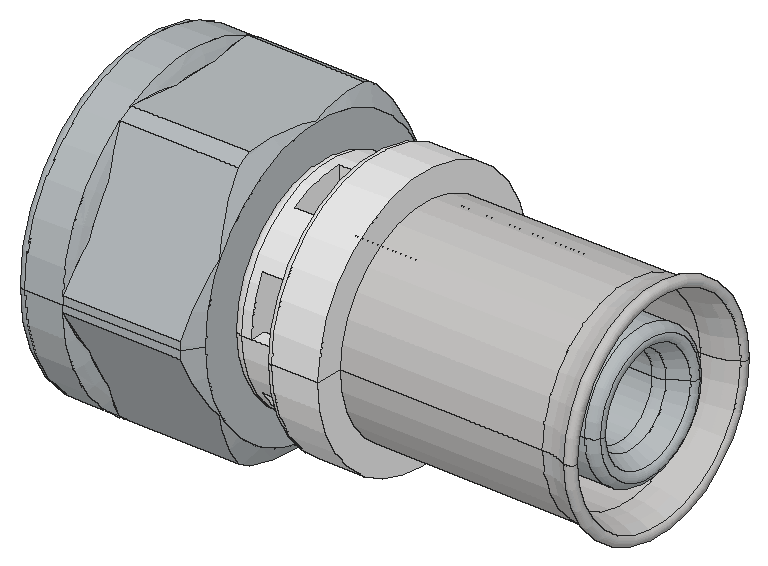
Revit family "VTm_202_СоединительПресс_ПереходВнутрРезьба1", category Соединительные детали трубопроводов, Revit 2017
Family settings
  Размер круглого соединителя = Использовать диаметр
  Тип детали = Соединение
  На основе рабочей плоскости = Нет
  Всегда вертикально = Да
  При загрузке вырезать с полостями = Нет
  Общий = Нет
Parameters (values of type "16 х 1/2"")
  Символ вид сбоку [instance] = not(Символ в плане)  # no
  Символ в плане [instance] = yes
  Резьба = VTm_202_РезьбаСоСбегами_Внутр : 1/2" х 5 х 0,5
  РадН базы резьбы = Ду резьбы / 4  # 3.75 mm
  РадН базы гильзы = Ду гильзы / 4  # 4.00 mm
  Описание = "Переход между пресс и резьбовым соединениями"  # constant formula
  Комментарии к типоразмеру = "Модель разработана по заказу ВЕСТА Регионы, автор Михаил Кузьмин НПО Инкомис, правообладатель ВЕСТА Регионы"  # constant formula
  Изготовитель = "VALTEC"  # constant formula
  Ду резьбы = 15.00 mm
  Ду гильзы = 16.00 mm
  Длина базы резьбы = 2.00 mm
  Длина базы гильзы = 1.803 mm
  ГлубинаМамы х 07 = ГлубинаМамы * 0.7  # 9.10 mm
  ГлубинаМамы = 13.00 mm
  Гильза = VTm_202_Гильза_от_16_до_32 : 16
  Гайка = VTm_202_ГайкаТипА_Полдюйма_ШестьГран : 1/2"
  Видеть резьбу [instance] = yes
  VT_Цена базовая = 109
  VT_sleeve = Нержавеющая сталь
  VT_ring = Пластмасса, непрозрачная, белая
  VT_body = Цинк
  URL = "http://valtec.ru/catalog/sistemy_metallopolimernyh_i_polimernyh_truboprovodov/press_fitingi/press_fiting_s_perehodom_na_vnutrennyuyu_rezbu_vtm202n.html"
  ADSK_Примечание = ""
  ADSK_Позиция = "202.1604"
  ADSK_Обозначение = "VTm.202.N.001604"
  ADSK_Наименование = "Соединитель пресс с переходом на внутренюю резьбу 16х1/2\" VTm.202"
  ADSK_Масса_Текст = "0,054"
  ADSK_Масса = 0.054
  ADSK_Завод-изготовитель = "VALTEC"  # constant formula
  ADSK_Единица измерения = "шт"  # constant formula
  ADSK_Версия семейства = "01.01"  # constant formula
  ADSK_Версия Revit = "2017"  # constant formula
Types (8, lengths in mm): name | Резьба | РадН базы резьбы | РадН базы гильзы | Ду резьбы | Ду гильзы | Длина базы резьбы | ГлубинаМамы х 07 | ГлубинаМамы | Гильза | Гайка | VT_Цена базовая | ADSK_Позиция | ADSK_Обозначение | ADSK_Наименование | ADSK_Масса_Текст | ADSK_Масса
  16 х 1/2" | VTm_202_РезьбаСоСбегами_Внутр : 1/2" х 5 х 0,5 | 3.75 | 4.00 | 15.00 | 16.00 | 2.00 | 9.10 | 13.00 | VTm_202_Гильза_от_16_до_32 : 16 | VTm_202_ГайкаТипА_Полдюйма_ШестьГран : 1/2" | 109 | "202.1604" | "VTm.202.N.001604" | "Соединитель пресс с переходом на внутренюю резьбу 16х1/2\" VTm.202" | "0,054" | 0.054
  16 х 3/4" | VTm_202_РезьбаСоСбегами_Внутр : 3/4" х 5 х 1,8 | 5.00 | 4.00 | 20.00 | 16.00 | 2.504 | 9.80 | 14.00 | VTm_202_Гильза_от_16_до_32 : 16 | VTm_202_ГайкаТипА_ТриЧетверти_ВосемьГран : 3/4" | 149 | "202.1605" | "VTm.202.N.001605" | "Соединитель пресс с переходом на внутренюю резьбу 16х3/4\" VTm.202" | "0,081" | 0.081
  20 х 1/2" | VTm_202_РезьбаСоСбегами_Внутр : 1/2" х 5 х 0,5 | 3.75 | 5.00 | 15.00 | 20.00 | 2.50 | 9.10 | 13.00 | VTm_202_Гильза_от_16_до_32 : 20 | VTm_202_ГайкаТипБ_ШестьГран : 1/2" | 127 | "202.2004" | "VTm.202.N.002004" | "Соединитель пресс с переходом на внутренюю резьбу 20х1/2\" VTm.202" | "0,061" | 0.061
  20 х 3/4" | VTm_202_РезьбаСоСбегами_Внутр : 3/4" х 5 х 1,8 | 5.00 | 5.00 | 20.00 | 20.00 | 3.00 | 9.80 | 14.00 | VTm_202_Гильза_от_16_до_32 : 20 | VTm_202_ГайкаТипБ_ВосемьГран : 3/4" | 173 | "202.2005" | "VTm.202.N.002005" | "Соединитель пресс с переходом на внутренюю резьбу 20х3/4\" VTm.202" | "0,080" | 0.08
  26 х 3/4" | VTm_202_РезьбаСоСбегами_Внутр : 3/4" х 5 х 1,8 | 5.00 | 6.50 | 20.00 | 26.00 | 3.00 | 9.80 | 14.00 | VTm_202_Гильза_от_16_до_32 : 26 | VTm_202_ГайкаТипБ_ВосемьГран : 3/4" | 186 | "202.2605" | "VTm.202.N.002605" | "Соединитель пресс с переходом на внутренюю резьбу 26х3/4\" VTm.202" | "0,092" | 0.092
  26 х 1" | VTm_202_РезьбаСоСбегами_Внутр : 1" х 4 х 1,9 | 6.25 | 6.50 | 25.00 | 26.00 | 4.00 | 10.50 | 15.00 | VTm_202_Гильза_от_16_до_32 : 26 | VTm_202_ГайкаТипБ_ВосемьГран : 1" | 255 | "202.2606" | "VTm.202.N.002606" | "Соединитель пресс с переходом на внутренюю резьбу 26х1\" VTm.202" | "0,131" | 0.131
  32 х 1" | VTm_202_РезьбаСоСбегами_Внутр : 1" х 4 х 1,9 | 6.25 | 8.00 | 25.00 | 32.00 | 4.00 | 10.50 | 15.00 | VTm_202_Гильза_от_16_до_32 : 32 | VTm_202_ГайкаТипБ_ВосемьГран : 1" | 337 | "202.3206" | "VTm.202.N.003206" | "Соединитель пресс с переходом на внутренюю резьбу 32х1\" VTm.202" | "0,129" | 0.129
  32 х 1_1/4" | VTm_202_РезьбаСоСбегами_Внутр : 1_1/4" х 6 х 3 | 10.00 | 8.00 | 40.00 | 32.00 | 2.00 | 14.70 | 21.00 | VTm_202_Гильза_от_16_до_32 : 32 | VTm_202_ГайкаТипБ_ШестьГран : 1_1/4" | 496 | "202.3207" | "VTm.202.N.003207" | "Соединитель пресс с переходом на внутренюю резьбу 32х1_1/4\" VTm.202" | "0,236" | 0.236
Reference planes
  plane 1 "По центру (Вперед/Назад)": y = 0
  plane 2: z = 0
  plane 3 "По центру (Влево/Вправо)": x = 0
  plane 4: x = -2
  plane 5: x = 1.803
  plane 6: y = 15
  plane 7: y = -15
  plane 8: x = -11.1
  plane 9: x = 17.803
  plane 10: x = 33.803
  plane 11: y = 16
  plane 12: y = -16
  plane 13: z = 15
  plane 14: z = -15
  plane 15: z = 16
  plane 16: z = -16
Forms (mm)
  Extrusion 1, solid, material "Цинк" <- "VT_body", not visible
    sketch origin (0, 0, 0) x (0, 1, 0) y (0, 0, 1)
      loop
        circle (0, 0) r 3.75
    from 0 to -2
  Extrusion 2, solid, material "Пластмасса, непрозрачная, белая" <- "VT_ring", not visible
    sketch origin (0, 0, 0) x (0, 1, 0) y (0, 0, 1)
      loop
        circle (0, 0) r 4
    from 0 to 1.803
Lines and regions (mm)
  model lines, style "VT_symbol", visible <- "Символ в плане", detail levels medium
    curve 1: line (-11.1, 15, 0) -> (-2, 15, 0)
    curve 2: line (-11.1, -15, 0) -> (-2, -15, 0)
    curve 3: line (-2, 15, 0) -> (-2, -15, 0)
    curve 5: line (1.803, -16, 0) -> (33.803, 16, 0)
    curve 6: line (1.803, 16, 0) -> (33.803, -16, 0)
  model lines, style "VT_symbol", detail levels coarse+medium
    curve 4: line (-2, 0, 0) -> (1.803, 0, 0)
  model lines, style "VT_symbol", visible <- "Символ вид сбоку", detail levels medium
    curve 7: line (-11.1, 0, 15) -> (-2, 0, 15)
    curve 8: line (-2, 0, 15) -> (-2, 0, -15)
    curve 9: line (-2, 0, -15) -> (-11.1, 0, -15)
    curve 10: line (1.803, 0, -16) -> (33.803, 0, 16)
    curve 11: line (1.803, 0, 16) -> (33.803, 0, -16)
Dimensions and locks
  "Длина базы резьбы": plane 4 to plane 3 "По центру (Влево/Вправо)"
  "Длина базы гильзы": plane 3 "По центру (Влево/Вправо)" to plane 5
  equal spacing: plane 6, plane 1 "По центру (Вперед/Назад)", plane 7
  "Ду резьбы": plane 6 to plane 1 "По центру (Вперед/Назад)"
  "ГлубинаМамы х 07": plane 8 to plane 4
  equal spacing: plane 11, plane 1 "По центру (Вперед/Назад)", plane 12
  "Ду гильзы": plane 11 to plane 1 "По центру (Вперед/Назад)"
  equal spacing: plane 5, plane 9, plane 10
  "Ду гильзы": plane 5 to plane 9
  equal spacing: plane 13, plane 2, plane 14
  "Ду резьбы": plane 13 to plane 2
  equal spacing: plane 15, plane 2, plane 16
  "Ду гильзы": plane 15 to plane 2
  "РадН базы резьбы": radius of Extrusion 1 sketch curve
  "РадН базы гильзы": radius of Extrusion 2 sketch curve
  aligned and locked: level to plane 2
  aligned and locked: plane 3 "По центру (Влево/Вправо)" to nested 1
  aligned and locked: plane 1 "По центру (Вперед/Назад)" to nested 1
  aligned and locked: Extrusion 1 to plane 4
  aligned and locked: plane 5 to Extrusion 2
  aligned and locked: Extrusion 2 to plane 3 "По центру (Влево/Вправо)"
  aligned and locked: plane 3 "По центру (Влево/Вправо)" to Extrusion 1
  aligned and locked: plane 1 "По центру (Вперед/Назад)" to Extrusion 2 sketch curve
  aligned and locked: plane 2 to Extrusion 2 sketch curve
  aligned and locked: nested 2 to plane 1 "По центру (Вперед/Назад)"
  aligned and locked: nested 2 to plane 2
  aligned and locked: nested 3 to plane 1 "По центру (Вперед/Назад)"
  aligned and locked: plane 2 to nested 3
  aligned and locked: curve 1 to plane 6
  aligned and locked: plane 8 to curve 1
  aligned and locked: plane 8 to curve 2
  aligned and locked: plane 7 to curve 2
  aligned and locked: curve 3 to plane 4
  aligned and locked: plane 6 to curve 3
  aligned and locked: plane 7 to curve 3
  aligned and locked: plane 4 to curve 4
  aligned and locked: plane 5 to curve 4
  aligned and locked: plane 1 "По центру (Вперед/Назад)" to curve 4
  aligned and locked: plane 5 to curve 6
  aligned and locked: plane 11 to curve 6
  aligned and locked: plane 11 to curve 5
  aligned and locked: plane 10 to curve 5
  aligned and locked: plane 12 to curve 6
  aligned and locked: plane 10 to curve 6
  aligned and locked: plane 12 to curve 5
  aligned and locked: plane 5 to curve 5
  aligned and locked: nested 5 to plane 1 "По центру (Вперед/Назад)"
  aligned and locked: nested 5 to plane 2
  aligned and locked: nested 4 to plane 1 "По центру (Вперед/Назад)"
  aligned and locked: nested 4 to plane 2
  aligned and locked: plane 8 to curve 7
  aligned and locked: plane 8 to curve 9
  aligned and locked: plane 14 to curve 9
  aligned and locked: curve 7 to plane 13
  aligned and locked: curve 8 to plane 4
  aligned and locked: plane 5 to curve 11
  aligned and locked: plane 15 to curve 11
  aligned and locked: plane 15 to curve 10
  aligned and locked: plane 10 to curve 10
  aligned and locked: plane 10 to curve 11
  aligned and locked: plane 16 to curve 11
  aligned and locked: plane 5 to curve 10
  aligned and locked: plane 16 to curve 10
Automatic sketch dimensions
  Extrusion 1 sketch curve to level = 0.00 mm
  Extrusion 1 sketch curve to plane 1 "По центру (Вперед/Назад)" = 0.00 mm
Nested families
  nested 1: "VTm_202_ГайкаТипА_Полдюйма_ШестьГран" at (0, 0, 0), type <- "Гайка", type "1/2"", detail levels fine
  nested 2: "VTm_202_Гильза_от_16_до_32" at (1.803, 0, 0) x (0, 1, 0) z (1, 0, 0), type <- "Гильза", type "16", detail levels fine
  nested 3: "VTm_202_РезьбаСоСбегами_Внутр" at (-2, 0, 0) x (0, 1, 0) z (-1, 0, 0), type <- "Резьба", visible <- "Видеть резьбу", type "1/2" х 5 х 0,5", detail levels fine
  nested 4: "MarkR" at (1.803, 0, 0) x (0, 1, 0) z (1, 0, 0), type "MarkR", not visible
  nested 5: "MarkR" at (-2, 0, 0) x (0, 1, 0) z (1, 0, 0), type "MarkR", not visible
Connectors
  piping at (1.803, 0, 0), diameter 16, driven by "Ду гильзы"
    settings: on Extrusion 2, index 2, connector inside diameter 609.6 mm, connector length 0.00 mm, flow factor 0, pipe flow 0.0 L/s, pressure drop 0.0 Pa, fitting loss kfactor 0, connector angle 0.00°, fixture units 0, engagement length 0.00 mm, angle of deflection 0.00°, flow configuration 0, flow direction 0, fitting loss method 0, system type 28, joint type 0, gender type 0, connector reference index 3, connector utility 0, adjustable connector no, is connector primary yes, connector description ""
  piping at (-2, 0, 0), diameter 15, driven by "Ду резьбы"
    settings: on Extrusion 1, index 3, connector inside diameter 609.6 mm, connector length 0.00 mm, flow factor 0, pipe flow 0.0 L/s, pressure drop 0.0 Pa, fitting loss kfactor 0, connector angle 0.00°, fixture units 0, engagement length 0.00 mm, angle of deflection 0.00°, flow configuration 0, flow direction 0, fitting loss method 0, system type 28, joint type 0, gender type 0, connector reference index 2, connector utility 0, adjustable connector no, is connector primary no, connector description ""
Definition of nested family "VTm_202_ГайкаТипА_Полдюйма_ШестьГран"
  Parameters (values of type "1/2"")
    РадУсл = Ду * 0.5  # 7.50 mm
    Под ключ = 24.00 mm
    РадН торец гайки = 13.86 mm
    Ду = 15.00 mm
    Глубина = 13.00 mm
    Б = Под ключ * tan(30.00°)  # 13.856 mm
    А = Под ключ * 0.5 * tan(30.00°)  # 6.928 mm
    VT_body = none
  Reference planes
    plane 1 "По центру (Вперед/Назад)": y = 0
    plane 2: z = 0
    plane 3 "По центру (Влево/Вправо)": x = 0
    plane 4: x = -11
    plane 5: x = -14.5
    plane 6: x = -15
    plane 7: z = 12
    plane 8: z = -12
    plane 9: y = 6.928
    plane 10: y = 13.856
    plane 11: y = -6.928
    plane 12: y = -13.856
    plane 13: x = -10.111
    plane 14: y = -13.485
    plane 15: x = -2
    plane 16: through (0, 22.899, 15.662) normal (0, -0.866, 0.5)
    plane 17: through (0, -24.917, 19.157) normal (0, -0.866, -0.5)
  Forms (mm)
    Extrusion 1, solid, material <- "VT_body"
      sketch origin (0, 0, 0) x (0, 1, 0) y (0, 0, 1)
        loop
          line (6.928, 12) -> (-6.928, 12) -> (-13.856, 0) -> (-6.928, -12) -> (6.928, -12) -> (13.856, 0) -> (6.928, 12)
      from 0 to -11
    Revolve 2, void
      sketch origin (0, 0, 0) x (1, 0, 0) y (0, 1, 0)
        loop
          line (0, -11.96) -> (-0.88, -13.485) -> (-11, -13.485) -> (-11, -15.106) -> (0, -15.106) -> (0, -11.96)
        axis (-11, 0) -> (0, 0)
      angle from 0 to 360
    Revolve 3, solid, material <- "VT_body"
      sketch origin (0, 0, 0) x (1, 0, 0) y (0, 1, 0)
        loop
          line (-14.232, -13.485) -> (-10.99, -13.485)
          arc (-10.99, -13.485) -> (-10.335, -11.999) -> (-10.111, -10.39) r 5.884
          line (-10.111, -10.39) -> (-10.111, 0) -> (-15, 0) -> (-15, -12.717)
          arc (-15, -12.717) -> (-14.775, -13.26) -> (-14.232, -13.485) r 0.768
        axis (-15, 0) -> (-10.111, 0)
      angle from 0 to 360
    Extrusion 4, void
      sketch origin (0, 0, 0) x (0, 1, 0) y (0, 0, 1)
        loop
          circle (0, 0) r 9.9
      from -2 to -15
  Cuts and joins
    Revolve 2, Extrusion 4 cuts Extrusion 1
    Extrusion 4 cuts Revolve 3
    joined: Extrusion 1, Revolve 3
  Dimensions and locks
    equal spacing: plane 7, plane 2, plane 8
    "Под ключ": plane 7 to plane 8
    equal spacing: plane 9, plane 1 "По центру (Вперед/Назад)", plane 11
    equal spacing: plane 10, plane 1 "По центру (Вперед/Назад)", plane 12
    "Б": plane 10 to plane 1 "По центру (Вперед/Назад)"
    "А": plane 9 to plane 1 "По центру (Вперед/Назад)"
    "Глубина": plane 6 to plane 15
    plane 4 to plane 3 "По центру (Влево/Вправо)" = 11.00 mm  (x3)
    cut or joined group of Extrusion 1, Revolve 2, Revolve 3, Extrusion 4 to cut or joined group of Extrusion 1, Revolve 2, Revolve 3, Extrusion 4 = 12.302 mm  (x3)
    radius of Extrusion 4 sketch curve = 9.90 mm
    aligned and locked: level to plane 2
    aligned and locked: Extrusion 1 sketch curve to plane 7
    aligned and locked: Extrusion 1 sketch curve to plane 8
    aligned and locked: plane 11 to Extrusion 1 sketch curve  (x2)
    aligned and locked: plane 9 to Extrusion 1 sketch curve  (x2)
    aligned and locked: plane 2 to Extrusion 1 sketch curve  (x2)
    aligned and locked: plane 10 to Extrusion 1 sketch curve
    aligned and locked: plane 12 to Extrusion 1 sketch curve
    aligned and locked: plane 3 "По центру (Влево/Вправо)" to Extrusion 1
    aligned and locked: plane 1 "По центру (Вперед/Назад)" to Revolve 2 sketch curve
    aligned and locked: Revolve 3 sketch curve to plane 13
    aligned and locked: plane 6 to Revolve 3 sketch curve  (x2)
    aligned and locked: plane 1 "По центру (Вперед/Назад)" to Revolve 3 sketch curve
    aligned and locked: Revolve 2 sketch curve to plane 14
    aligned and locked: plane 14 to Revolve 3 sketch curve
    aligned and locked: plane 13 to Revolve 3 sketch curve
    aligned and locked: plane 6 to Extrusion 4
    aligned and locked: plane 15 to Extrusion 4
    aligned and locked: plane 16 to cut or joined group of Extrusion 1, Revolve 2, Revolve 3, Extrusion 4
    aligned and locked: plane 17 to cut or joined group of Extrusion 1, Revolve 2, Revolve 3, Extrusion 4
  Automatic sketch dimensions
    plane 13 to Revolve 2 sketch curve = 0.889 mm
    Revolve 2 sketch curve to plane 3 "По центру (Влево/Вправо)" = 0.00 mm
    Revolve 2 sketch curve to plane 3 "По центру (Влево/Вправо)" = 0.88 mm
    plane 12 to Revolve 2 sketch curve = 1.25 mm
    Revolve 2 sketch curve to Revolve 2 sketch curve = 1.524 mm
    plane 6 to Revolve 2 sketch curve = 1.933 mm
    plane 3 "По центру (Влево/Вправо)" to Revolve 2 sketch curve = 13.936 mm
    plane 1 "По центру (Вперед/Назад)" to Revolve 3 sketch curve = 0.00 mm
    plane 6 to Revolve 3 sketch curve = 0.995 mm
    Revolve 3 sketch curve to plane 5 = 0.268 mm
    Revolve 3 sketch curve to plane 4 = 0.01 mm
    Extrusion 4 sketch curve to level = 0.00 mm
    Extrusion 4 sketch curve to plane 1 "По центру (Вперед/Назад)" = 0.00 mm
Definition of nested family "VTm_202_Гильза_от_16_до_32"
  Parameters (values of type "32")
    ТолщСтенкТруб = 3.10 mm
    РегулировкаВысотГильз = 16.80 mm
    РадПерфНаруж = 17.30 mm
    РадПерфВнутр = РадПерфНаруж - 1.30 mm  # 16.00 mm
    РадГабаритКольца = 19.40 mm
    Default Elevation = 0.00 mm
    НарРадТруб = НарДиамТруб / 2  # 16.175 mm
    НарДиамТруб = 32.35 mm
    ВысотаОкон = 2.697 mm
    VT_body = none
    VT_ring = none
    VT_sleeve = none
  Types (4, lengths in mm): name | ТолщСтенкТруб | РегулировкаВысотГильз | РадПерфНаруж | РадПерфВнутр | РадГабаритКольца | НарРадТруб | НарДиамТруб
    16 | 2.10 | 17.30 | 9.30 | 8.00 | 11.20 | 8.00 | 16.00
    20 | 2.10 | 17.35 | 11.45 | 10.15 | 13.20 | 10.05 | 20.10
    26 | 3.05 | 17.20 | 14.35 | 13.05 | 16.25 | 13.075 | 26.15
    32 | 3.10 | 16.80 | 17.30 | 16.00 | 19.40 | 16.175 | 32.35
  Reference planes
    plane 1 "По центру (Вперед/Назад)": y = 0
    plane 2: z = 0
    plane 3 "По центру (Влево/Вправо)": x = 0
    plane 4: z = -1.8
    plane 5: z = 2.697
    plane 6: z = 7.197
    plane 7: x = -19.4
    plane 8: x = -17.3
    plane 9 "РадПерфВнутр": x = -16
    plane 10: through (0, 0, 1219.2) normal (-0.5, -0.866, 0)
    plane 11: through (0, 0, 1219.2) normal (-0.866, -0.5, 0)
    plane 12: through (0, 0, 1219.2) normal (-0.866, 0.5, 0)
    plane 13: through (0, 0, 1219.2) normal (-0.5, 0.866, 0)
    plane 14: x = -17.075
    plane 15: z = 23.997
    plane 16: z = 26.813
    plane 17: x = -13.075
    plane 18: x = -10.675
    plane 19 "РадНарТруб": x = -16.175
    plane 20: x = -21.925
  Forms (mm)
    Extrusion 1, solid, not visible
      sketch origin (0, 0, 0) x (1, 0, 0) y (0, 1, 0)
        loop
          line (-1219.2, 1219.2) -> (-1219.2, -1219.2) -> (1219.2, -1219.2) -> (1219.2, 1219.2) -> (-1219.2, 1219.2)
      from 0 to -304.8
    Revolve 2, solid, material <- "VT_ring"
      sketch origin (0, 0, 0) x (1, 0, 0) y (0, 0, 1)
        loop
          line (-16, 0) -> (-16, 2.697) -> (-17.3, 2.697) -> (-17.3, -0.817)
          arc (-17.3, -0.817) -> (-17.012, -1.512) -> (-16.317, -1.8) r 0.983
          line (-16.317, -1.8) -> (0, -1.8) -> (0, 0) -> (-16, 0)
        axis (0, 2.697) -> (0, -1.8)
      angle from 0 to 360
    Extrusion 3, void
      sketch origin (0, 0, 0) x (1, 0, 0) y (0, 1, 0)
        loop
          line (-17.3, 0) -> (-16, 0)
          arc (-16, 0) -> (-15.455, 4.141) -> (-13.856, 8) r 16
          line (-13.856, 8) -> (-14.982, 8.65)
          arc (-14.982, 8.65) -> (-16.711, 4.478) -> (-17.3, 0) r 17.3
        loop
          arc (-8, 13.856) -> (-4.141, 15.455) -> (0, 16) r 16
          line (0, 16) -> (0, 17.3)
          arc (0, 17.3) -> (-4.478, 16.711) -> (-8.65, 14.982) r 17.3
          line (-8.65, 14.982) -> (-8, 13.856)
        loop
          arc (8, 13.856) -> (11.314, 11.314) -> (13.856, 8) r 16
          line (13.856, 8) -> (14.982, 8.65)
          arc (14.982, 8.65) -> (12.233, 12.233) -> (8.65, 14.982) r 17.3
          line (8.65, 14.982) -> (8, 13.856)
        loop
          arc (16, 0) -> (15.455, -4.141) -> (13.856, -8) r 16
          line (13.856, -8) -> (14.982, -8.65)
          arc (14.982, -8.65) -> (16.711, -4.478) -> (17.3, 0) r 17.3
          line (17.3, 0) -> (16, 0)
        loop
          arc (8, -13.856) -> (4.141, -15.455) -> (0, -16) r 16
          line (0, -16) -> (0, -17.3)
          arc (0, -17.3) -> (4.478, -16.711) -> (8.65, -14.982) r 17.3
          line (8.65, -14.982) -> (8, -13.856)
        loop
          arc (-14.982, -8.65) -> (-12.233, -12.233) -> (-8.65, -14.982) r 17.3
          line (-8.65, -14.982) -> (-8, -13.856)
          arc (-8, -13.856) -> (-11.314, -11.314) -> (-13.856, -8) r 16
          line (-13.856, -8) -> (-14.982, -8.65)
      from 0 to 2.697
    Revolve 4, solid, material <- "VT_ring"
      sketch origin (0, 0, 0) x (1, 0, 0) y (0, 0, 1)
        loop
          line (-19.4, 7.197) -> (-19.4, 3.224)
          arc (-19.4, 3.224) -> (-19.246, 2.851) -> (-18.874, 2.697) r 0.526
          line (-18.874, 2.697) -> (-16, 2.697) -> (-16, 7.197) -> (-19.4, 7.197)
        axis (0, 2.697) -> (0, 7.197)
      angle from 0 to 360
    Revolve 5, solid, material <- "VT_sleeve"
      sketch origin (0, 0, 0) x (1, 0, 0) y (0, 0, 1)
        loop
          line (-17.075, 7.197) -> (-16.175, 7.197) -> (-16.175, 23.997)
          arc (-16.175, 23.997) -> (-16.362, 25.453) -> (-16.912, 26.813) r 5.75
          arc (-16.912, 26.813) -> (-17.525, 26.985) -> (-17.697, 26.373) r 0.45
          arc (-17.697, 26.373) -> (-17.233, 25.225) -> (-17.075, 23.997) r 4.85
          line (-17.075, 23.997) -> (-17.075, 7.197)
        axis (0, 26.813) -> (0, 7.197)
      angle from 0 to 360
    Revolve 6, solid, material <- "VT_body"
      sketch origin (0, 0, 0) x (1, 0, 0) y (0, 0, 1)
        loop
          line (-10.939, 24.455) -> (-11.751, 25.866)
          arc (-11.751, 25.866) -> (-12.073, 26.131) -> (-12.49, 26.117) r 0.591
          arc (-12.49, 26.117) -> (-12.915, 25.767) -> (-13.075, 25.239) r 0.951
          line (-13.075, 25.239) -> (-13.075, 0) -> (-10.675, 0) -> (-10.675, 23.469)
          arc (-10.675, 23.469) -> (-10.742, 23.979) -> (-10.939, 24.455) r 1.977
        axis (0, 26.117) -> (0, 0)
      angle from 0 to 360
  Cuts and joins
    Extrusion 3 cuts Revolve 2
  Dimensions and locks
    "РадГабаритКольца": plane 7 to plane 3 "По центру (Влево/Вправо)"
    "РадПерфНаруж": plane 8 to plane 3 "По центру (Влево/Вправо)"
    "РадПерфВнутр": plane 9 "РадПерфВнутр" to plane 3 "По центру (Влево/Вправо)"
    locked: plane 17 to plane 18 at 2.4
    "ТолщСтенкТруб": plane 19 "РадНарТруб" to plane 17
    "НарРадТруб": plane 19 "РадНарТруб" to plane 3 "По центру (Влево/Вправо)"
    locked: plane 14 to plane 19 "РадНарТруб" at 0.9
    "РегулировкаВысотГильз": plane 15 to plane 6
    locked: plane 16 to plane 15 at 2.816
    plane 16 to plane 4 = 28.613 mm
    locked: plane 19 "РадНарТруб" to plane 20 at 5.75
    locked: plane 6 to plane 5 at 4.5
    locked: plane 2 to plane 4 at 1.8
    "ВысотаОкон": plane 5 to plane 2
    "РадПерфВнутр": radius of Extrusion 3 sketch curve  (x6)
    "РадПерфНаруж": radius of Extrusion 3 sketch curve  (x6)
    aligned and locked: plane 2 to Extrusion 1
    aligned and locked: level to Extrusion 1
    aligned and locked: Revolve 2 sketch curve to plane 8
    aligned and locked: Revolve 2 sketch curve to plane 3 "По центру (Влево/Вправо)"
    aligned and locked: plane 2 to Revolve 2 sketch curve
    aligned and locked: plane 4 to Revolve 2 sketch curve  (x2)
    aligned and locked: Revolve 2 sketch curve to plane 2
    aligned and locked: Extrusion 3 sketch curve to plane 1 "По центру (Вперед/Назад)"
    aligned and locked: plane 10 to Extrusion 3 sketch curve
    aligned and locked: plane 3 "По центру (Влево/Вправо)" to Extrusion 3 sketch curve  (x13)
    aligned and locked: plane 1 "По центру (Вперед/Назад)" to Extrusion 3 sketch curve  (x13)
    aligned and locked: Extrusion 3 to plane 2
    aligned and locked: plane 5 to Extrusion 3
    aligned and locked: Revolve 2 sketch curve to plane 9 "РадПерфВнутр"
    aligned and locked: Revolve 2 sketch curve to plane 5
    aligned and locked: Extrusion 3 sketch curve to plane 11
    aligned and locked: Extrusion 3 sketch curve to plane 3 "По центру (Влево/Вправо)"
    aligned and locked: Extrusion 3 sketch curve to plane 12
    aligned and locked: plane 13 to Extrusion 3 sketch curve
    aligned and locked: Extrusion 3 sketch curve to plane 10
    aligned and locked: plane 11 to Extrusion 3 sketch curve
    aligned and locked: Extrusion 3 sketch curve to plane 13
    aligned and locked: plane 12 to Extrusion 3 sketch curve
    aligned and locked: plane 9 "РадПерфВнутр" to Revolve 4 sketch curve
    aligned and locked: plane 7 to Revolve 4 sketch curve
    aligned and locked: plane 6 to Revolve 4 sketch curve
    aligned and locked: Revolve 4 sketch curve to plane 5
    aligned and locked: plane 3 "По центру (Влево/Вправо)" to Revolve 4 sketch curve
    aligned and locked: plane 4 to Revolve 4 sketch curve
    aligned and locked: plane 2 to Revolve 4 sketch curve
    aligned and locked: Revolve 5 sketch curve to plane 3 "По центру (Влево/Вправо)"
    aligned and locked: plane 4 to Revolve 5 sketch curve
    aligned and locked: plane 2 to Revolve 5 sketch curve
    aligned and locked: Revolve 5 sketch curve to plane 14
    aligned and locked: Revolve 5 sketch curve to plane 6
    aligned and locked: Revolve 6 sketch curve to plane 2
    aligned and locked: plane 17 to Revolve 6 sketch curve
    aligned and locked: Revolve 6 sketch curve to plane 3 "По центру (Влево/Вправо)"
    aligned and locked: plane 4 to Revolve 6 sketch curve
    aligned and locked: plane 2 to Revolve 6 sketch curve
    aligned and locked: Revolve 6 sketch curve to plane 18
    aligned and locked: Revolve 5 sketch curve to plane 19 "РадНарТруб"
    aligned and locked: plane 20 to Revolve 5 sketch curve  (x2)
    aligned and locked: plane 15 to Revolve 5 sketch curve  (x2)
  Automatic sketch dimensions
    Extrusion 1 sketch curve to Extrusion 1 sketch curve = 2438.40 mm  (x2)
    Revolve 2 sketch curve to plane 3 "По центру (Влево/Вправо)" = 0.00 mm
    Revolve 2 sketch curve to plane 9 "РадПерфВнутр" = 0.317 mm
    Revolve 4 sketch curve to Revolve 4 sketch curve = 0.526 mm
    Revolve 5 sketch curve to plane 16 = 0.00 mm
    Revolve 5 sketch curve to Revolve 5 sketch curve = 0.00 mm  (x2)
    Revolve 6 sketch curve to plane 17 = 0.423 mm
    Revolve 6 sketch curve to plane 17 = 0.812 mm
    Revolve 6 sketch curve to Revolve 6 sketch curve = 0.139 mm
    Revolve 6 sketch curve to Revolve 6 sketch curve = 0.512 mm
    plane 18 to Revolve 6 sketch curve = 0.264 mm
    plane 15 to Revolve 6 sketch curve = 0.528 mm
    Revolve 6 sketch curve to Revolve 6 sketch curve = 0.332 mm
Definition of nested family "VTm_202_РезьбаСоСбегами_Внутр"
  Parameters (values of type "1/2" х 5 х 0,5")
    Отступ от дна = 0.50 mm
    Default Elevation = 0.00 mm
    Z = 5
    VT_body = none
    P = 1.814 mm
    L = Z * P + P * 1.5  # 11.791 mm
    H = P * 0.96049  # 1.742 mm
    D2/2 = D2 / 2  # 9.896 mm
    D2 = 19.793 mm
    1/2P = P / 2  # 0.907 mm
  Types (4, lengths in mm): name | Отступ от дна | Z | P | L | H | D2/2 | D2 | 1/2P
    1/2" х 5 х 0,5 | 0.50 | 5 | 1.814 | 11.791 | 1.742 | 9.896 | 19.793 | 0.907
    1" х 4 х 1,9 | 1.90 | 4 | 2.309 | 12.70 | 2.218 | 15.885 | 31.77 | 1.155
    1_1/4" х 6 х 3 | 3.00 | 6 | 2.309 | 17.318 | 2.218 | 20.215 | 40.431 | 1.155
    3/4" х 5 х 1,8 | 1.80 | 5 | 1.814 | 11.791 | 1.742 | 12.64 | 25.279 | 0.907
  Reference planes
    plane 1 "По центру (Вперед/Назад)": y = 0
    plane 2: z = 0
    plane 3 "По центру (Влево/Вправо)": x = 0
    plane 4: x = -9.896
    plane 5: x = 9.897
    plane 6: x = -9.025
    plane 7: x = -10.768
    plane 8: x = 9.025
    plane 9: x = 10.768
    plane 10 "Верх резьбы": z = 12.291
    plane 11: z = 11.384
    plane 12: z = 10.477
    plane 13: z = 9.57
    plane 14 "Привязка массива": z = 2.314
    plane 15: z = 1.407
    plane 16 "Низ резьбы": z = 0.5
  Forms (mm)
    Extrusion 1, solid
      sketch origin (0, 0, 0) x (1, 0, 0) y (0, 1, 0)
        loop
          line (-1219.2, 1219.2) -> (-1219.2, -1219.2) -> (1219.2, -1219.2) -> (1219.2, 1219.2) -> (-1219.2, 1219.2)
      from 0 to -304.8
    SweptBlend 2, solid, material <- "VT_body"
      path origin (0, 0, 12.291) x (0, -1, 0) y (-1, 0, 0)
        loop
          arc (0, -9.897) -> (-9.897, 0) -> (0, 9.897) r 9.897
      profile origin (9.897, 0, 12.291) x (-1, 0, 0) y (0, 0, 1)
        loop
          line (-0.871, -0.907) -> (-0.871, -2.721) -> (0.871, -1.814) -> (-0.871, -0.907)
      end profile origin (-9.897, 0, 12.291) x (1, 0, 0) y (0, 0, 1)
        loop
          line (-0.871, 0) -> (-0.871, -1.814) -> (0.871, -0.907) -> (-0.871, 0)
    SweptBlend 3, solid, material <- "VT_body"
      path origin (0, 0, 12.291) x (0, -1, 0) y (-1, 0, 0)
        loop
          arc (0, 9.897) -> (9.897, 0) -> (0, -9.897) r 9.897
      profile origin (-9.897, 0, 12.291) x (1, 0, 0) y (0, 0, 1)
        loop
          line (-0.871, 0) -> (-0.871, -1.814) -> (0.871, -0.907) -> (-0.871, 0)
      end profile origin (9.897, 0, 12.291) x (-1, 0, 0) y (0, 0, 1)
        loop
          line (-0.871, 0) -> (-0.871, -0.907) -> (0, 0) -> (-0.871, 0)
    SweptBlend 4, solid, material <- "VT_body"
      path origin (0, 0, 0.5) x (0, -1, 0) y (-1, 0, 0)
        loop
          arc (0, -9.896) -> (9.896, 0) -> (0, 9.896) r 9.896
      profile origin (9.896, 0, 0.5) x (1, 0, 0) y (0, 0, 1)
        loop
          line (0.871, 1.814) -> (-0.871, 0.907) -> (0.871, 0) -> (0.871, 1.814)
      end profile origin (-9.896, 0, 0.5) x (-1, 0, 0) y (0, 0, 1)
        loop
          line (0.871, 0.907) -> (0, 0) -> (0.871, 0) -> (0.871, 0.907)
  Dimensions and locks
    "D2": plane 5 to plane 4
    equal spacing: plane 6, plane 4, plane 7
    "H": plane 6 to plane 7
    equal spacing: plane 8, plane 3 "По центру (Влево/Вправо)", plane 6
    equal spacing: plane 9, plane 3 "По центру (Влево/Вправо)", plane 7
    equal spacing: plane 16 "Низ резьбы", plane 15, plane 14 "Привязка массива"
    equal spacing: plane 13, plane 12, plane 11, plane 10 "Верх резьбы"
    "Отступ от дна": plane 16 "Низ резьбы" to plane 2
    "L": plane 10 "Верх резьбы" to plane 16 "Низ резьбы"
    "1/2P": plane 12 to plane 13
    "1/2P": plane 15 to plane 16 "Низ резьбы"
    equal spacing: group 1, group 2, group 3, group 4, group 5  (x3)
    equal spacing: plane 5, plane 3 "По центру (Влево/Вправо)", plane 4
    "P": nested 3 to plane 14 "Привязка массива"
    "D2/2": radius of SweptBlend 3 sketch curve
    "D2/2": radius of SweptBlend 2 sketch curve
    aligned and locked: plane 2 to Extrusion 1
    aligned and locked: level to Extrusion 1
    aligned and locked: plane 3 "По центру (Влево/Вправо)" to SweptBlend 2 sketch curve
    aligned and locked: plane 1 "По центру (Вперед/Назад)" to SweptBlend 2 sketch curve  (x3)
    aligned and locked: plane 11 to SweptBlend 2 sketch curve  (x2)
    aligned and locked: plane 13 to SweptBlend 2 sketch curve
    aligned and locked: plane 9 to SweptBlend 2 sketch curve
    aligned and locked: plane 10 "Верх резьбы" to SweptBlend 2 sketch curve
    aligned and locked: plane 12 to SweptBlend 2 sketch curve  (x2)
    aligned and locked: SweptBlend 2 sketch curve to plane 7
    aligned and locked: SweptBlend 3 sketch curve to SweptBlend 2
    aligned and locked: SweptBlend 2 to SweptBlend 3 sketch curve
    aligned and locked: plane 3 "По центру (Влево/Вправо)" to SweptBlend 3 sketch curve
    aligned and locked: plane 1 "По центру (Вперед/Назад)" to SweptBlend 3 sketch curve
    aligned and locked: plane 12 to SweptBlend 3 sketch curve
    aligned and locked: plane 10 "Верх резьбы" to SweptBlend 3 sketch curve
    aligned and locked: SweptBlend 3 sketch curve to plane 7
    aligned and locked: plane 6 to SweptBlend 3 sketch curve
    aligned and locked: plane 11 to SweptBlend 3 sketch curve  (x2)
    aligned and locked: plane 9 to SweptBlend 3 sketch curve
    aligned and locked: plane 5 to SweptBlend 3 sketch curve
    aligned and locked: SweptBlend 3 sketch curve to plane 10 "Верх резьбы"
    aligned and locked: SweptBlend 3 to SweptBlend 4 sketch curve
    aligned and locked: SweptBlend 4 sketch curve to SweptBlend 2
    aligned and locked: plane 3 "По центру (Влево/Вправо)" to SweptBlend 4 sketch curve
    aligned and locked: plane 1 "По центру (Вперед/Назад)" to SweptBlend 4 sketch curve
    aligned and locked: plane 14 "Привязка массива" to SweptBlend 4 sketch curve
    aligned and locked: plane 16 "Низ резьбы" to SweptBlend 4 sketch curve  (x2)
    aligned and locked: plane 9 to SweptBlend 4 sketch curve
    aligned and locked: plane 8 to SweptBlend 4 sketch curve
    aligned and locked: plane 15 to SweptBlend 4 sketch curve  (x2)
    aligned and locked: SweptBlend 4 sketch curve to plane 7
    aligned and locked: plane 4 to SweptBlend 4 sketch curve
    aligned and locked: plane 6 to SweptBlend 2 sketch curve
    aligned and locked: plane 8 to SweptBlend 2 sketch curve
    aligned and locked: plane 3 "По центру (Влево/Вправо)" to nested 1
    aligned and locked: plane 1 "По центру (Вперед/Назад)" to nested 1
    aligned and locked: nested 1 to plane 16 "Низ резьбы"
  Automatic sketch dimensions
    Extrusion 1 sketch curve to Extrusion 1 sketch curve = 2438.40 mm  (x2)
    SweptBlend 4 sketch curve to plane 5 = 0.00 mm
  Nested families
    nested 1: "VTm_202_Нитки резьбы_для_РезьбаСоСбегами_Внутр" at (0, 0, 2.314), type "VTm_202_Нитки резьбы_для_РезьбаСоСбегами_Внутр"
    nested 2: "VTm_202_Нитки резьбы_для_РезьбаСоСбегами_Внутр" at (0, 0, 4.128), type "VTm_202_Нитки резьбы_для_РезьбаСоСбегами_Внутр"
    nested 3: "VTm_202_Нитки резьбы_для_РезьбаСоСбегами_Внутр" at (0, 0, 5.942), type "VTm_202_Нитки резьбы_для_РезьбаСоСбегами_Внутр"
    nested 4: "VTm_202_Нитки резьбы_для_РезьбаСоСбегами_Внутр" at (0, 0, 7.756), type "VTm_202_Нитки резьбы_для_РезьбаСоСбегами_Внутр"
    nested 5: "VTm_202_Нитки резьбы_для_РезьбаСоСбегами_Внутр" at (0, 0, 9.57), type "VTm_202_Нитки резьбы_для_РезьбаСоСбегами_Внутр"
  Definition of nested family "VTm_202_Нитки резьбы_для_РезьбаСоСбегами_Внутр"
    Parameters (values of type "VTm_202_Нитки резьбы_для_РезьбаСоСбегами_Внутр")
      Шаг = 1.814 mm
      Профиль = Шаг * 0.96049  # 1.742 mm
      ПолШага = Шаг / 2  # 0.907 mm
      ПолД2 = Д2 / 2  # 9.896 mm
      Д2 = 19.793 mm
      VT_body = none
    Reference planes
      plane 1 "По центру (Вперед/Назад)": y = 0
      plane 2 "3": z = 0
      plane 3 "По центру (Влево/Вправо)": x = 0
      plane 4 "2": z = -0.907
      plane 5 "1": z = -1.814
      plane 6 "4": z = 0.907
      plane 7 "5": z = 1.814
      plane 8: x = -9.896
      plane 9: x = 9.896
      plane 10: x = -10.768
      plane 11: x = -9.025
      plane 12: x = 9.025
      plane 13: x = 10.768
    Forms (mm)
      SweptBlend 1, solid, material <- "VT_body"
        path origin (0, 0, -0.907) x (-1, 0, 0) y (0, -1, 0)
          loop
            arc (-9.897, 0) -> (0, -9.897) -> (9.897, 0) r 9.897
        profile origin (9.897, 0, -0.907) x (-1, 0, 0) y (0, 0, 1)
          loop
            line (-0.871, 0.907) -> (-0.871, -0.907) -> (0.871, 0) -> (-0.871, 0.907)
        end profile origin (-9.897, 0, -0.907) x (1, 0, 0) y (0, 0, 1)
          loop
            line (-0.871, 1.814) -> (-0.871, 0) -> (0.871, 0.907) -> (-0.871, 1.814)
      SweptBlend 2, solid, material <- "VT_body"
        path origin (0, 0, -0.907) x (-1, 0, 0) y (0, -1, 0)
          loop
            arc (9.896, 0) -> (0, 9.896) -> (-9.896, 0) r 9.896
        profile origin (-9.896, 0, -0.907) x (1, 0, 0) y (0, 0, 1)
          loop
            line (-0.871, 1.814) -> (-0.871, 0) -> (0.871, 0.907) -> (-0.871, 1.814)
        end profile origin (9.896, 0, -0.907) x (-1, 0, 0) y (0, 0, 1)
          loop
            line (-0.871, 2.721) -> (-0.871, 0.907) -> (0.871, 1.814) -> (-0.871, 2.721)
    Dimensions and locks
      equal spacing: plane 7 "5", plane 6 "4", plane 2 "3", plane 4 "2", plane 5 "1"
      "ПолШага": plane 4 "2" to plane 5 "1"
      equal spacing: plane 9, plane 3 "По центру (Влево/Вправо)", plane 8
      "Д2": plane 9 to plane 8
      equal spacing: plane 11, plane 8, plane 10
      equal spacing: plane 13, plane 9, plane 12
      "Профиль": plane 11 to plane 10
      "Профиль": plane 13 to plane 12
      "ПолД2": radius of SweptBlend 1 sketch curve
      "ПолД2": radius of SweptBlend 2 sketch curve
      aligned and locked: level to plane 2 "3"
      aligned and locked: plane 3 "По центру (Влево/Вправо)" to SweptBlend 1 sketch curve
      aligned and locked: plane 1 "По центру (Вперед/Назад)" to SweptBlend 1 sketch curve  (x3)
      aligned and locked: plane 2 "3" to SweptBlend 1 sketch curve  (x2)
      aligned and locked: plane 5 "1" to SweptBlend 1 sketch curve
      aligned and locked: SweptBlend 1 sketch curve to plane 13
      aligned and locked: plane 12 to SweptBlend 1 sketch curve
      aligned and locked: plane 4 "2" to SweptBlend 1 sketch curve  (x2)
      aligned and locked: plane 6 "4" to SweptBlend 1 sketch curve
      aligned and locked: SweptBlend 1 sketch curve to plane 10
      aligned and locked: plane 11 to SweptBlend 1 sketch curve
      aligned and locked: plane 3 "По центру (Влево/Вправо)" to SweptBlend 2 sketch curve
      aligned and locked: plane 1 "По центру (Вперед/Назад)" to SweptBlend 2 sketch curve
      aligned and locked: plane 6 "4" to SweptBlend 2 sketch curve  (x2)
      aligned and locked: plane 4 "2" to SweptBlend 2 sketch curve
      aligned and locked: SweptBlend 2 sketch curve to plane 10
      aligned and locked: plane 11 to SweptBlend 2 sketch curve
      aligned and locked: plane 2 "3" to SweptBlend 2 sketch curve  (x2)
      aligned and locked: plane 7 "5" to SweptBlend 2 sketch curve
      aligned and locked: SweptBlend 2 sketch curve to plane 13
      aligned and locked: plane 12 to SweptBlend 2 sketch curve
Definition of nested family "MarkR"
  Parameters (values of type "MarkR")
    Default Elevation = 0.00 mm
  Reference planes
    plane 1 "По центру (Вперед/Назад)": y = 0
    plane 2: z = 0
    plane 3 "По центру (Влево/Вправо)": x = 0
    plane 4: y = 0.437
    plane 5: x = -0.424
    plane 6: x = 0.424
    plane 7: y = -0.335
    plane 8: y = -0.62
    plane 9: y = 0.307
    plane 10: x = 0.537
    plane 11: x = -0.537
  Forms (mm)
    Extrusion 1, solid
      sketch origin (0, 0, 0) x (1, 0, 0) y (0, 1, 0)
        loop
          line (-1219.2, 1219.2) -> (-1219.2, -1219.2) -> (1219.2, -1219.2) -> (1219.2, 1219.2) -> (-1219.2, 1219.2)
      from 0 to -304.8
  Lines and regions (mm)
    model lines
      curve 1: circle (0, 0, 0) r 0.75 normal (0, 0, 1)
      curve 2: line (-0.537, 0.307, 0) -> (0, -0.62, 0)
      curve 3: line (0.537, 0.307, 0) -> (0, -0.62, 0)
      curve 4: line (0, -0.335, 0) -> (0, 0.437, 0)
      curve 5: line (-0.424, 0.437, 0) -> (0.424, 0.437, 0)
    model lines, not visible
      curve 6: circle (0, 0, 0) r 0.75 normal (0, 0, 1)
      curve 7: line (-0.537, 0.307, 0) -> (0, -0.62, 0)
      curve 8: line (0.537, 0.307, 0) -> (0, -0.62, 0)
      curve 9: line (0, -0.335, 0) -> (0, 0.437, 0)
      curve 10: line (-0.424, 0.437, 0) -> (0.424, 0.437, 0)
  Dimensions and locks
    locked: plane 4 to plane 1 "По центру (Вперед/Назад)" at 0.437
    locked: plane 7 to plane 1 "По центру (Вперед/Назад)" at 0.335
    locked: plane 9 to plane 1 "По центру (Вперед/Назад)" at 0.307
    locked: plane 8 to plane 1 "По центру (Вперед/Назад)" at 0.62
    equal spacing: plane 5, plane 3 "По центру (Влево/Вправо)", plane 6, locked at 0.424 each
    equal spacing: plane 11, plane 3 "По центру (Влево/Вправо)", plane 10, locked at 0.537 each
    aligned and locked: plane 2 to Extrusion 1
    aligned and locked: level to Extrusion 1
    aligned and locked: plane 2 to curve 1
    aligned and locked: plane 3 "По центру (Влево/Вправо)" to curve 1
    aligned and locked: plane 1 "По центру (Вперед/Назад)" to curve 1
  Automatic sketch dimensions
    Extrusion 1 sketch curve to Extrusion 1 sketch curve = 2438.40 mm  (x2)
